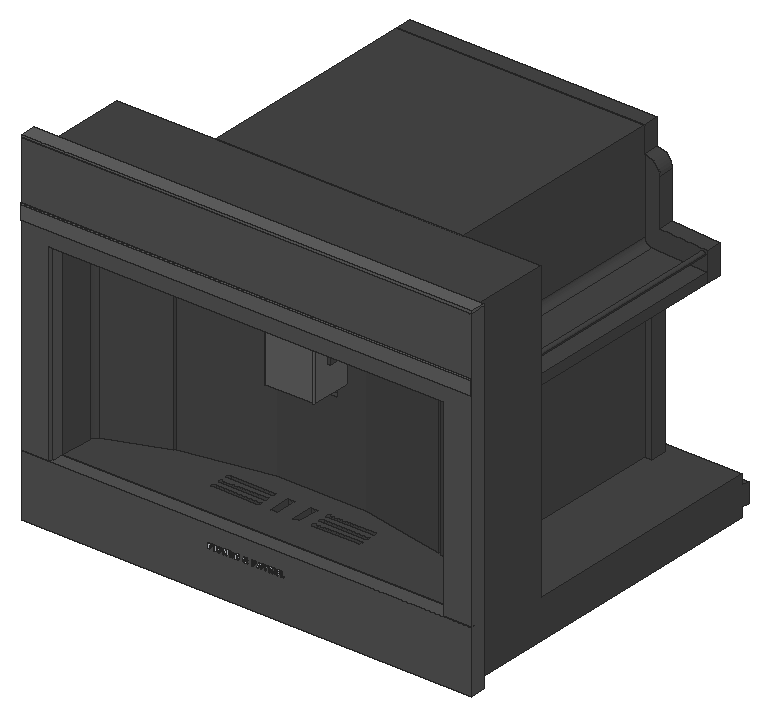
Revit family "FP_Revit_18_EB60DSXBB1_Coffee_Maker_90000810A", category Specialty Equipment, Revit 2018
Family settings
  Round Connector Dimension = Use Diameter
  Part Type = Normal
  OmniClass Number = 23.40.40.14.17.31
  OmniClass Title = Small Specialized Cooking Equipment
  Work Plane-Based = No
  Always vertical = Yes
  Cut with Voids When Loaded = Yes
  Shared = No
  Room Calculation Point = No
Parameters (values of type "EB60DSXBB1")
  Visibility - Clearance Required = yes
  URL = "www.fisherpaykel.com"
  Product - Width = 596 mm  # constant formula
  Product - Height = 458 mm  # constant formula
  Product - Depth = 480 mm  # constant formula
  Model = "EB60DSXBB1"
  Material - Trim = Fisher & Paykel - Aluminium, Dark
  Material - Glass = Fisher & Paykel - Glass, Black
  Material - Body = Fisher & Paykel - Black
  Manufacturer = "Fisher & Paykel Appliances"
  FFL Offset [instance] = 860 mm
  Description = "Built in Coffee Maker 60cm"
  Connector Description - Electrical = "220-240 V, 50 Hz, 6.1 A"
  Chassis - Width = 560 mm  # constant formula
  Chassis - Height = 445 mm  # constant formula
  Chassis - Depth = 460 mm  # constant formula
  Cavity - Width = 560 mm  # constant formula
  Cavity - Height = 460 mm  # constant formula
  Cavity - Depth = 545 mm  # constant formula
Reference planes
  plane 1 "Center (Front/Back)": y = 0
  plane 2: z = 0
  plane 3 "Center (Left/Right)": x = 0
  plane 4: z = 1320
  plane 5: z = 1318
  plane 6 "Product LHS": x = -298
  plane 7 "Product RHS": x = 298
  plane 8 "Cavity LHS": x = -300
  plane 9 "Cavity RHS": x = 300
  plane 10 "Cavity - Depth": y = 545
  plane 11 "Front Face": y = -20
  plane 12 "Product Depth": y = 460
  plane 13 "FFL Offset": z = 860
Forms (mm)
  Extrusion 1, solid, material "Fisher & Paykel - Glass, Black" <- "Material - Glass", detail levels fine
    sketch origin (0, 0, 915) x (0, 1, 0) y (0, 0, 1)
      loop
        line (0, -54) -> (0, 400) -> (-18.19, 400)
        arc (-18.19, 400) -> (-19.179, 399.792) -> (-20, 399.202) r 2.451
        line (-20, 399.202) -> (-20, 28.9) -> (-13, 28.9) -> (-13, 27.85) -> (-20, 27.85) -> (-20, -54) -> (0, -54)
    from -298 to 298
  Extrusion 2, solid, material "Fisher & Paykel - Aluminium, Dark" <- "Material - Trim", detail levels fine
    sketch origin (0, 0, 0) x (0, 1, 0) y (0, 0, 1)
      loop
        line (0, 1318) -> (-20, 1318) -> (-20, 1315) -> (0, 1315) -> (0, 1318)
    from -298 to 298
  Extrusion 3, solid, material "Fisher & Paykel - Aluminium, Dark" <- "Material - Trim", detail levels fine
    sketch origin (0, 0, 915) x (0, 1, 0) y (0, 0, 1)
      loop
        line (-20, 303) -> (-20, 322.8) -> (-20.827, 322.8) -> (-21.702, 320.52) -> (-21.702, 303) -> (-20, 303)
    from -298 to 298
  Extrusion 4, solid, material "Fisher & Paykel - Black" <- "Material - Body"
    sketch origin (0, 0, 0) x (0, 1, 0) y (0, 0, 1)
      loop
        line (116.01, 911.9) -> (116.01, 1305) -> (0, 1305) -> (0, 860) -> (450.02, 860) -> (450.02, 872.9) -> (460, 872.9) -> (460, 898.96) -> (450.02, 898.96) -> (450.02, 911.9) -> (116.01, 911.9)
    from -280 to 280
  Extrusion 5, solid, material "Fisher & Paykel - Black" <- "Material - Body", detail levels fine
    sketch origin (0, 0, 915) x (1, 0, 0) y (0, 0, 1)
      loop
        circle (255.488, 264.858) r 3
      loop
        arc (187.564, 248.08) -> (180.801, 250.881) -> (178, 257.644) r 9.564
        line (178, 257.644) -> (178, 390) -> (-150, 390) -> (-150, 258.403)
        arc (-150, 258.403) -> (-152.821, 251.442) -> (-159.691, 248.408) r 10
        line (-159.691, 248.408) -> (-261.967, 245.247) -> (-261.967, 232.285) -> (-159.605, 228.24)
        arc (-159.605, 228.24) -> (-152.791, 225.178) -> (-150, 218.248) r 10
        line (-150, 218.248) -> (-150, -3.1) -> (178, -3.1) -> (178, 219.061)
        arc (178, 219.061) -> (180.801, 225.824) -> (187.564, 228.625) r 9.564
        line (187.564, 228.625) -> (261.48, 231.852) -> (261.48, 244.856) -> (187.564, 248.08)
      loop
        circle (-255.488, 265.27) r 3
    from -415.81 to -116.01
  Extrusion 6, solid, material "Fisher & Paykel - Black" <- "Material - Body", detail levels fine
    sketch origin (0, 0, 0) x (1, 0, 0) y (0, 0, 1)
      loop
        line (261.48, 1185.549) -> (197.977, 1189.414) -> (197.977, 1250.8)
        arc (197.977, 1250.8) -> (192.126, 1264.926) -> (178, 1270.777) r 19.977
        line (178, 1270.777) -> (178, 1305) -> (-150.023, 1305) -> (-150.023, 1270.366)
        arc (-150.023, 1270.366) -> (-164.149, 1264.514) -> (-170, 1250.389) r 19.977
        line (-170, 1250.389) -> (-170, 1189.558) -> (-261.967, 1185.943) -> (-261.967, 1147.299) -> (-170, 1143.699) -> (-170, 860) -> (-120, 860) -> (-120, 1262.538) -> (145.224, 1262.538) -> (145.224, 911.9) -> (188.072, 911.9) -> (188.072, 1143.699) -> (261.48, 1146.905) -> (261.48, 1185.549)
    from -436.81 to -415.81
  Extrusion 7, void
    sketch origin (0, 0, 0) x (1, 0, 0) y (0, 1, 0)
      loop
        line (-261, -20.25) -> (261, -20.25) -> (261, -16.15) -> (258.097, 43.307)
        arc (258.097, 43.307) -> (256.532, 47.844) -> (252.912, 50.994) r 9.287
        arc (252.912, 50.994) -> (215.2, 66.982) -> (176.484, 80.359) r 600.007
        line (176.484, 80.359) -> (176.484, 87.818) -> (173.853, 87.818) -> (173.853, 81.162)
        arc (173.853, 81.162) -> (0, 106.902) -> (-173.853, 81.162) r 600.007
        line (-173.853, 81.162) -> (-173.853, 87.818) -> (-176.484, 87.818) -> (-176.484, 80.359)
        arc (-176.484, 80.359) -> (-215.2, 66.982) -> (-252.912, 50.994) r 600.007
        arc (-252.912, 50.994) -> (-256.532, 47.844) -> (-258.097, 43.307) r 9.287
        line (-258.097, 43.307) -> (-261, -16.15) -> (-261, -20.25)
    from 942.8 to 1197.8
  Extrusion 8, void
    sketch origin (0, 0, 0) x (1, 0, 0) y (0, 1, 0)
      loop
        arc (-96.162, 73.7) -> (-99.162, 70.7) -> (-96.162, 67.7) r 3
        line (-96.162, 67.7) -> (-36.788, 67.7)
        arc (-36.788, 67.7) -> (-33.788, 70.7) -> (-36.788, 73.7) r 3
        line (-36.788, 73.7) -> (-96.162, 73.7)
      loop
        arc (-96.162, 61.7) -> (-99.162, 58.7) -> (-96.162, 55.7) r 3
        line (-96.162, 55.7) -> (-36.788, 55.7)
        arc (-36.788, 55.7) -> (-33.788, 58.7) -> (-36.788, 61.7) r 3
        line (-36.788, 61.7) -> (-96.162, 61.7)
      loop
        arc (-96.162, 49.7) -> (-99.162, 46.7) -> (-96.162, 43.7) r 3
        line (-96.162, 43.7) -> (-36.788, 43.7)
        arc (-36.788, 43.7) -> (-33.788, 46.7) -> (-36.788, 49.7) r 3
        line (-36.788, 49.7) -> (-96.162, 49.7)
      loop
        line (-19.49, 73.102) -> (-19.49, 44.102) -> (-10.49, 44.102) -> (-10.49, 73.102) -> (-19.49, 73.102)
      loop
        line (96.162, 73.7) -> (36.788, 73.7)
        arc (36.788, 73.7) -> (33.788, 70.7) -> (36.788, 67.7) r 3
        line (36.788, 67.7) -> (96.162, 67.7)
        arc (96.162, 67.7) -> (99.162, 70.7) -> (96.162, 73.7) r 3
      loop
        line (96.162, 61.7) -> (36.788, 61.7)
        arc (36.788, 61.7) -> (33.788, 58.7) -> (36.788, 55.7) r 3
        line (36.788, 55.7) -> (96.162, 55.7)
        arc (96.162, 55.7) -> (99.162, 58.7) -> (96.162, 61.7) r 3
      loop
        line (96.162, 49.7) -> (36.788, 49.7)
        arc (36.788, 49.7) -> (33.788, 46.7) -> (36.788, 43.7) r 3
        line (36.788, 43.7) -> (96.162, 43.7)
        arc (96.162, 43.7) -> (99.162, 46.7) -> (96.162, 49.7) r 3
      loop
        line (19.49, 73.102) -> (10.49, 73.102) -> (10.49, 44.102) -> (19.49, 44.102) -> (19.49, 73.102)
    from 932.9 to 942.8
  Extrusion 9, solid, material "Fisher & Paykel - Black" <- "Material - Body"
    sketch origin (0, 0, 0) x (1, 0, 0) y (0, 1, 0)
      loop
        line (-238.877, 57.3) -> (238.036, 57.3) -> (238.036, 116.01) -> (-238.877, 116.01) -> (-238.877, 57.3)
    from 1171.8 to 1197.8
  Extrusion 10, solid, material "Fisher & Paykel - Aluminium, Dark" <- "Material - Trim"
    sketch origin (0, 0, 0) x (1, 0, 0) y (0, 1, 0)
      loop
        line (-33, 105.99) -> (-33, 52.807)
        arc (-33, 52.807) -> (-32.412, 51.388) -> (-30.993, 50.8) r 2.007
        line (-30.993, 50.8) -> (31, 50.8)
        arc (31, 50.8) -> (32.414, 51.386) -> (33, 52.8) r 2
        line (33, 52.8) -> (33, 105.99) -> (-33, 105.99)
    from 1083.8 to 1183.5
  Extrusion 11, void
    sketch origin (0, 0, 0) x (1, 0, 0) y (0, 0, 1)
      loop
        line (-19.5, 1083.8) -> (-19.5, 1061.827) -> (19.5, 1061.827) -> (19.5, 1083.8) -> (-19.5, 1083.8)
    from -115 to -105
  Extrusion 12, solid, material "Fisher & Paykel - Black" <- "Material - Body", detail levels fine
    sketch origin (0, 0, 0) x (1, 0, 0) y (0, 0, 1)
      loop
        line (45.9, 1172.885) -> (45.9, 1163.535) -> (47.549, 1163.535) -> (47.549, 1147.911)
        arc (47.549, 1147.911) -> (55.35, 1140.11) -> (63.15, 1147.911) r 7.801
        line (63.15, 1147.911) -> (63.15, 1163.235) -> (73.436, 1163.235) -> (73.436, 1172.885) -> (45.9, 1172.885)
    from -106.934 to -61.01
  Extrusion 13, solid, material "Fisher & Paykel - Black" <- "Material - Body", detail levels fine
    sketch origin (0, 0, 915) x (1, 0, 0) y (0, 0, 1)
      loop
        line (53.653, 257.885) -> (53.653, 225.297)
        arc (53.653, 225.297) -> (55.35, 225.11) -> (57.047, 225.297) r 7.805
        line (57.047, 225.297) -> (57.047, 257.885) -> (53.653, 257.885)
    from -61.01 to -47.51
  Extrusion 14, solid, material "Fisher & Paykel - Black" <- "Material - Body", detail levels fine
    sketch origin (0, 0, 915) x (1, 0, 0) y (0, 0, 1)
      loop
        line (115.224, 76.056) -> (75.224, 76.056) -> (75.224, 21.056) -> (115.224, 21.056) -> (115.224, 76.056)
    from -417 to -415.81
  Extrusion 15, solid, material "Fisher & Paykel - Black" <- "Material - Body", detail levels fine
    sketch origin (0, 0, 915) x (1, 0, 0) y (0, 0, 1)
      loop
        line (107.224, 68.056) -> (83.224, 68.056) -> (83.224, 29.056) -> (107.224, 29.056) -> (107.224, 68.056)
    from -436.81 to -417
  Extrusion 16, solid, material "Fisher & Paykel - Black" <- "Material - Body", detail levels fine
    sketch origin (0, 0, 0) x (1, 0, 0) y (0, 1, 0)
      loop
        circle (95.857, 430.81) r 5
    from 983.056 to 1003
  Extrusion 17, void
    sketch origin (0, 0, 915) x (0, 1, 0) y (0, 0, 1)
      loop
        line (445.9, -19.903) -> (0, -19.903) -> (0, -55) -> (445.9, -55) -> (445.9, -19.903)
    from -54 to 54
  Extrusion 18, solid, material "Fisher & Paykel - Black", detail levels fine
    sketch origin (0, 0, 0) x (1, 0, 0) y (0, 1, 0)
      loop
        line (-210.55, 31.63) -> (-210.55, 5.8) -> (-193.27, 5.8) -> (-193.27, 31.63) -> (-210.55, 31.63)
      loop
        line (-203.25, 13.924) -> (-203.25, 14.725)
        arc (-203.25, 14.725) -> (-201.75, 22.856) -> (-200.25, 14.725) r 4.204
        line (-200.25, 14.725) -> (-200.25, 13.924)
        arc (-200.25, 13.924) -> (-201.75, 23.687) -> (-203.25, 13.924) r 4.997
      loop
        line (-202.15, 17.61) -> (-202.15, 12.8) -> (-201.35, 12.8) -> (-201.35, 17.61) -> (-202.15, 17.61)
    from 1196.9 to 1197.8
  Extrusion 19, solid, material "Fisher & Paykel - Clearance Required", visible <- "Visibility - Clearance Required", detail levels coarse
    sketch origin (0, 0, 0) x (1, 0, 0) y (0, 1, 0)
      loop
        line (-300, 0) -> (-300, -20) -> (300, -20) -> (300, 0) -> (-300, 0)
    from 860 to 1320
  Extrusion 20, solid, material "Fisher & Paykel - Clearance Required", visible <- "Visibility - Clearance Required", detail levels coarse
    sketch origin (0, 0, 0) x (1, 0, 0) y (0, 1, 0)
      loop
        line (-280, 0) -> (280, 0) -> (280, 545) -> (-280, 545) -> (-280, 0)
    from 860 to 1310
  Extrusion 21, solid, material "Fisher & Paykel - Black" <- "Material - Body", detail levels coarse+medium
    sketch origin (0, -20, 915) x (-1, 0, 0) y (0, 0, 1)
      loop
        line (-197.977, 274.414) -> (-261.48, 274.414) -> (-261.48, 228.699) -> (-188.072, 228.699) -> (-188.072, -3.1) -> (170, -3.1) -> (170, 228.699) -> (261.967, 228.699) -> (261.967, 274.558) -> (170, 274.558) -> (170, 390.05) -> (-197.977, 390.05) -> (-197.977, 274.414)
    from 136.01 to 456.81
  Extrusion 22, solid, material "Fisher & Paykel - Glass, Black" <- "Material - Glass", detail levels coarse+medium
    sketch origin (0, 0, 915) x (1, 0, 0) y (0, 0, 1)
      loop
        line (-298, -54) -> (298, -54) -> (298, 403) -> (-298, 403) -> (-298, -54)
      loop
        line (261, 282.85) -> (-261, 282.85) -> (-261, 27.85) -> (261, 27.85) -> (261, 282.85)
    from 0 to 20
  Extrusion 23, void
    sketch origin (0, 0, 0) x (1, 0, 0) y (0, 1, 0)
      loop
        line (-280, 545) -> (-280, 0) -> (280, 0) -> (280, 545) -> (-280, 545)
    from 860 to 1310
  Extrusion 24, void
    sketch origin (0, 0, 0) x (1, 0, 0) y (0, 1, 0)
      loop
        line (-300, 0) -> (-300, -20) -> (300, -20) -> (300, 0) -> (-300, 0)
    from 860 to 1320
Cuts and joins
  Extrusion 7 cuts Extrusion 1
  Extrusion 7, Extrusion 8, Extrusion 11, Extrusion 17 cuts Extrusion 4
  joined: Extrusion 4, Extrusion 9
Lines and regions (mm)
  model lines, detail levels medium+fine
    curve 1: line (-47, -20, 1293.952) -> (47, -20, 1293.952)
    curve 2: line (-47, -20, 1240.952) -> (-47, -20, 1293.952)
    curve 3: line (47, -20, 1240.952) -> (-47, -20, 1240.952)
    curve 4: line (47, -20, 1293.952) -> (47, -20, 1240.952)
Text (mm)
  text "Due to ongoing product development, product details are subject to change without notice. \nPlease always refer to www.fisherpaykel.com for the most current product information. \n© Fisher & Paykel 2020" at (41.04, -248.295, 0), in view "Ref. Level (Plan)"
Dimensions and locks
  equal spacing: plane 6 "Product LHS", plane 3 "Center (Left/Right)", plane 7 "Product RHS"
  "Product - Width": plane 6 "Product LHS" to plane 7 "Product RHS"
  equal spacing: plane 8 "Cavity LHS", plane 3 "Center (Left/Right)", plane 9 "Cavity RHS"
  locked: plane 8 "Cavity LHS" to plane 9 "Cavity RHS" at 600
  "Cavity - Depth": plane 10 "Cavity - Depth" to plane 1 "Center (Front/Back)"
  plane 11 "Front Face" to plane 1 "Center (Front/Back)" = 20 mm
  "Chassis - Depth": plane 1 "Center (Front/Back)" to plane 12 "Product Depth"
  "Product - Depth": plane 12 "Product Depth" to plane 11 "Front Face"
  "Chassis - Width": cut or joined group of Extrusion 4, Extrusion 7, Extrusion 8, Extrusion 9, Extrusion 11, Extrusion 17 to cut or joined group of Extrusion 4, Extrusion 7, Extrusion 8, Extrusion 9, Extrusion 11, Extrusion 17
  "FFL Offset": plane 13 "FFL Offset" to level
  "Chassis - Height": cut or joined group of Extrusion 4, Extrusion 7, Extrusion 8, Extrusion 9, Extrusion 11, Extrusion 17 to plane 13 "FFL Offset"
  "Product - Height": plane 5 to plane 13 "FFL Offset"
  "Cavity - Height": plane 4 to plane 13 "FFL Offset"
  locked: Extrusion 23 to plane 13 "FFL Offset" at 450
  locked: plane 5 to Extrusion 21 at 12.95
  locked: Extrusion 3 to plane 13 "FFL Offset" at 358
  locked: plane 13 "FFL Offset" to cut or joined group of Extrusion 1, Extrusion 7 at 1
  locked: plane 13 "FFL Offset" to cut or joined group of Extrusion 4, Extrusion 7, Extrusion 8, Extrusion 9, Extrusion 11, Extrusion 17 at 82.8
  locked: plane 13 "FFL Offset" to Extrusion 22 sketch curve at 337.85
  locked: cut or joined group of Extrusion 4, Extrusion 7, Extrusion 8, Extrusion 9, Extrusion 11, Extrusion 17 to plane 13 "FFL Offset" at 337.8
  locked: cut or joined group of Extrusion 4, Extrusion 7, Extrusion 8, Extrusion 9, Extrusion 11, Extrusion 17 to plane 13 "FFL Offset" at 51.9
  locked: plane 5 to Extrusion 3 at 100
  locked: plane 5 to Extrusion 22 at 120.15
  locked: plane 5 to Extrusion 22 at 375.15
  locked: Extrusion 16 to plane 13 "FFL Offset" at 143
  locked: cut or joined group of Extrusion 4, Extrusion 7, Extrusion 8, Extrusion 9, Extrusion 11, Extrusion 17 to cut or joined group of Extrusion 4, Extrusion 7, Extrusion 8, Extrusion 9, Extrusion 11, Extrusion 17 at 9.9
  locked: nested 1 to plane 13 "FFL Offset" at 61.04
  locked: Extrusion 10 to plane 13 "FFL Offset" at 323.5
  locked: Extrusion 10 to plane 13 "FFL Offset" at 223.8
  locked: cut or joined group of Extrusion 4, Extrusion 7, Extrusion 8, Extrusion 9, Extrusion 11, Extrusion 17 to plane 13 "FFL Offset" at 201.827
  locked: cut or joined group of Extrusion 4, Extrusion 7, Extrusion 8, Extrusion 9, Extrusion 11, Extrusion 17 to plane 13 "FFL Offset" at 311.8
  locked: Extrusion 12 to plane 13 "FFL Offset" at 312.885
  locked: Extrusion 22 to Extrusion 18 at 0.95
  locked: plane 5 to Extrusion 23 at 8
  locked: Extrusion 17 sketch curve to plane 13 "FFL Offset" at 35.097
  plane 5 to curve 3 = 77.048 mm
  locked: plane 5 to curve 1 at 24.048
  locked: Extrusion 15 to plane 13 "FFL Offset" at 84.056
  locked: Extrusion 15 to plane 13 "FFL Offset" at 123.056
  locked: plane 5 to curve 3 at 77.048
  "Cavity - Width": Extrusion 23 to Extrusion 23
  aligned and locked: level to plane 2
  aligned and locked: Extrusion 3 to plane 7 "Product RHS"
  aligned and locked: plane 6 "Product LHS" to Extrusion 3
  aligned and locked: Extrusion 2 to plane 7 "Product RHS"
  aligned and locked: plane 6 "Product LHS" to Extrusion 2
  aligned and locked: plane 6 "Product LHS" to Extrusion 1
  aligned and locked: Extrusion 1 to plane 7 "Product RHS"
  aligned and locked: plane 9 "Cavity RHS" to Extrusion 19 sketch curve
  aligned and locked: Extrusion 19 sketch curve to plane 8 "Cavity LHS"
  aligned and locked: plane 1 "Center (Front/Back)" to Extrusion 19 sketch curve
  aligned and locked: Extrusion 5 to cut or joined group of Extrusion 4, Extrusion 7, Extrusion 8, Extrusion 9, Extrusion 11, Extrusion 17
  aligned and locked: Extrusion 5 to Extrusion 4
  aligned and locked: Extrusion 6 to Extrusion 5
  aligned and locked: plane 4 to Extrusion 24
  aligned and locked: plane 5 to Extrusion 2
  aligned and locked: Extrusion 24 to Extrusion 19
  aligned and locked: plane 5 to Extrusion 22 sketch curve
  aligned and locked: Extrusion 21 to Extrusion 5
  aligned and locked: Extrusion 5 to Extrusion 6
  aligned and locked: Extrusion 8 to Extrusion 7
  aligned and locked: Extrusion 11 to Extrusion 10
  aligned and locked: cut or joined group of Extrusion 1, Extrusion 7 to Extrusion 18
  aligned and locked: Extrusion 19 to Extrusion 17
  aligned and locked: plane 13 "FFL Offset" to Extrusion 4 sketch curve
  aligned and locked: Extrusion 4 to Extrusion 17
  aligned and locked: Extrusion 23 to cut or joined group of Extrusion 4, Extrusion 7, Extrusion 8, Extrusion 9, Extrusion 11, Extrusion 17
  aligned and locked: cut or joined group of Extrusion 4, Extrusion 7, Extrusion 8, Extrusion 9, Extrusion 11, Extrusion 17 to Extrusion 6
  aligned and locked: Extrusion 24 to cut or joined group of Extrusion 4, Extrusion 7, Extrusion 8, Extrusion 9, Extrusion 11, Extrusion 17
  aligned and locked: Extrusion 20 to Extrusion 23
  aligned and locked: Extrusion 20 to Extrusion 6
  aligned and locked: Extrusion 7 to Extrusion 9
  aligned and locked: Extrusion 16 to Extrusion 15
Automatic sketch dimensions
  Extrusion 3 sketch curve to Extrusion 3 sketch curve = 17.52 mm
  Extrusion 3 sketch curve to Extrusion 3 sketch curve = 0.875 mm
  Extrusion 3 sketch curve to Extrusion 3 sketch curve = 0.827 mm
  Extrusion 3 sketch curve to Extrusion 3 sketch curve = 2.28 mm
  Extrusion 7 sketch curve to Extrusion 7 sketch curve = 0 mm  (x4)
  Extrusion 7 sketch curve to plane 3 "Center (Left/Right)" = 0 mm
  Extrusion 7 sketch curve to plane 6 "Product LHS" = 124.147 mm
  Extrusion 7 sketch curve to Extrusion 7 sketch curve = 2.63 mm  (x2)
  Extrusion 7 sketch curve to plane 6 "Product LHS" = 49.167 mm
  Extrusion 7 sketch curve to Extrusion 7 sketch curve = 9.264 mm  (x2)
  Extrusion 7 sketch curve to plane 6 "Product LHS" = 37 mm
  plane 7 "Product RHS" to Extrusion 7 sketch curve = 124.147 mm
  plane 7 "Product RHS" to Extrusion 7 sketch curve = 49.167 mm
  plane 1 "Center (Front/Back)" to Extrusion 7 sketch curve = 16.15 mm
  plane 7 "Product RHS" to Extrusion 7 sketch curve = 37 mm
  plane 1 "Center (Front/Back)" to Extrusion 7 sketch curve = 493.105 mm
  Extrusion 7 sketch curve to plane 1 "Center (Front/Back)" = 42.65 mm  (x2)
  Extrusion 7 sketch curve to Extrusion 7 sketch curve = 0.657 mm  (x2)
  Extrusion 7 sketch curve to plane 1 "Center (Front/Back)" = 80.359 mm  (x2)
  Extrusion 7 sketch curve to Extrusion 7 sketch curve = 0.803 mm
  Extrusion 7 sketch curve to Extrusion 7 sketch curve = 6.656 mm  (x2)
  Extrusion 7 sketch curve to Extrusion 7 sketch curve = 4.1 mm  (x2)
  Extrusion 8 sketch curve to plane 3 "Center (Left/Right)" = 96.162 mm
  Extrusion 8 sketch curve to Extrusion 8 sketch curve = 0 mm  (x9)
  Extrusion 8 sketch curve to plane 3 "Center (Left/Right)" = 36.788 mm
  Extrusion 8 sketch curve to Extrusion 8 sketch curve = 17.298 mm  (x3)
  Extrusion 8 sketch curve to Extrusion 8 sketch curve = 9 mm  (x2)
  plane 3 "Center (Left/Right)" to Extrusion 8 sketch curve = 10.49 mm
  Extrusion 8 sketch curve to Extrusion 8 sketch curve = 59.375 mm
  Extrusion 8 sketch curve to plane 1 "Center (Front/Back)" = 43.7 mm  (x2)
  Extrusion 8 sketch curve to Extrusion 8 sketch curve = 0.402 mm
  Extrusion 8 sketch curve to Extrusion 8 sketch curve = 3 mm  (x6)
  Extrusion 8 sketch curve to Extrusion 8 sketch curve = 6 mm  (x4)
  Extrusion 8 sketch curve to Extrusion 8 sketch curve = 0.598 mm
  Extrusion 10 sketch curve to Extrusion 10 sketch curve = 2.007 mm
  Extrusion 10 sketch curve to Extrusion 10 sketch curve = 53.19 mm
  Extrusion 11 sketch curve to plane 3 "Center (Left/Right)" = 19.5 mm
  plane 3 "Center (Left/Right)" to Extrusion 11 sketch curve = 19.5 mm
  level to Extrusion 11 sketch curve = 1061.827 mm
  Extrusion 11 sketch curve to Extrusion 11 sketch curve = 21.973 mm
  Extrusion 12 sketch curve to Extrusion 12 sketch curve = 1.649 mm
  Extrusion 12 sketch curve to Extrusion 12 sketch curve = 7.801 mm
  Extrusion 12 sketch curve to Extrusion 12 sketch curve = 10.286 mm
  Extrusion 12 sketch curve to Extrusion 12 sketch curve = 15.324 mm
  Extrusion 12 sketch curve to Extrusion 12 sketch curve = 0.3 mm
  Extrusion 12 sketch curve to Extrusion 12 sketch curve = 9.35 mm
  Extrusion 13 sketch curve to Extrusion 13 sketch curve = 1.697 mm
  Extrusion 13 sketch curve to Extrusion 13 sketch curve = 7.618 mm
  Extrusion 13 sketch curve to Extrusion 13 sketch curve = 24.97 mm
  Extrusion 13 sketch curve to Extrusion 13 sketch curve = 3.394 mm
  Extrusion 14 sketch curve to Extrusion 14 sketch curve = 40 mm
  Extrusion 14 sketch curve to Extrusion 14 sketch curve = 55 mm
  Extrusion 15 sketch curve to Extrusion 15 sketch curve = 24 mm
  Extrusion 15 sketch curve to Extrusion 15 sketch curve = 39 mm
  level to Extrusion 17 sketch curve = 860 mm
  Extrusion 17 sketch curve to plane 1 "Center (Front/Back)" = 0 mm
  Extrusion 18 sketch curve to Extrusion 18 sketch curve = 7.3 mm
  Extrusion 18 sketch curve to Extrusion 18 sketch curve = 1.1 mm  (x2)
  Extrusion 18 sketch curve to Extrusion 18 sketch curve = 0.4 mm
  Extrusion 18 sketch curve to Extrusion 18 sketch curve = 0 mm
  Extrusion 18 sketch curve to Extrusion 18 sketch curve = 0.8 mm
  Extrusion 18 sketch curve to Extrusion 18 sketch curve = 8.08 mm
  Extrusion 18 sketch curve to Extrusion 18 sketch curve = 7 mm
  Extrusion 18 sketch curve to Extrusion 18 sketch curve = 1.124 mm
  Extrusion 18 sketch curve to Extrusion 18 sketch curve = 0.801 mm
  Extrusion 18 sketch curve to Extrusion 18 sketch curve = 2.885 mm
  Extrusion 18 sketch curve to Extrusion 18 sketch curve = 1.042 mm
  Extrusion 18 sketch curve to Extrusion 18 sketch curve = 0.038 mm
  Extrusion 18 sketch curve to Extrusion 18 sketch curve = 12.94 mm
  Extrusion 9 sketch curve to plane 6 "Product LHS" = 59.123 mm
  Extrusion 9 sketch curve to plane 1 "Center (Front/Back)" = 57.3 mm
  plane 7 "Product RHS" to Extrusion 9 sketch curve = 59.964 mm
  Extrusion 9 sketch curve to Extrusion 9 sketch curve = 58.71 mm
  plane 1 "Center (Front/Back)" to Extrusion 19 sketch curve = 20 mm
  Extrusion 17 sketch curve to plane 10 "Cavity - Depth" = 99.1 mm
  Extrusion 6 sketch curve to plane 6 "Product LHS" = 36.033 mm
  level to Extrusion 6 sketch curve = 860 mm
  Extrusion 6 sketch curve to plane 6 "Product LHS" = 128 mm
  Extrusion 6 sketch curve to Extrusion 6 sketch curve = 0 mm
  Extrusion 6 sketch curve to Extrusion 6 sketch curve = 19.977 mm
  Extrusion 6 sketch curve to Extrusion 6 sketch curve = 30.023 mm
  level to Extrusion 6 sketch curve = 911.9 mm
  plane 3 "Center (Left/Right)" to Extrusion 6 sketch curve = 145.224 mm
  Extrusion 6 sketch curve to plane 5 = 13 mm
  Extrusion 6 sketch curve to Extrusion 6 sketch curve = 32.776 mm
  Extrusion 6 sketch curve to Extrusion 6 sketch curve = 10.072 mm
  Extrusion 6 sketch curve to Extrusion 6 sketch curve = 9.905 mm
  plane 7 "Product RHS" to Extrusion 6 sketch curve = 36.52 mm
  Extrusion 6 sketch curve to Extrusion 6 sketch curve = 161.301 mm  (x2)
  Extrusion 6 sketch curve to Extrusion 6 sketch curve = 3.205 mm
  Extrusion 6 sketch curve to Extrusion 6 sketch curve = 3.6 mm
  Extrusion 6 sketch curve to Extrusion 6 sketch curve = 38.645 mm
  Extrusion 6 sketch curve to Extrusion 6 sketch curve = 38.644 mm
  Extrusion 6 sketch curve to Extrusion 6 sketch curve = 45.715 mm
  Extrusion 6 sketch curve to Extrusion 6 sketch curve = 45.858 mm
  Extrusion 6 sketch curve to Extrusion 6 sketch curve = 54.611 mm
  Extrusion 6 sketch curve to Extrusion 6 sketch curve = 54.2 mm
  Extrusion 6 sketch curve to Extrusion 6 sketch curve = 7.828 mm
  Extrusion 5 sketch curve to plane 6 "Product LHS" = 36.033 mm
  Extrusion 5 sketch curve to Extrusion 5 sketch curve = 6.478 mm
  Extrusion 5 sketch curve to Extrusion 5 sketch curve = 95.488 mm
  Extrusion 5 sketch curve to Extrusion 5 sketch curve = 0.309 mm  (x2)
  Extrusion 5 sketch curve to Extrusion 5 sketch curve = 0.395 mm
  Extrusion 5 sketch curve to Extrusion 5 sketch curve = 10 mm  (x2)
  plane 7 "Product RHS" to Extrusion 5 sketch curve = 120 mm  (x2)
  Extrusion 5 sketch curve to plane 5 = 13 mm
  Extrusion 5 sketch curve to Extrusion 5 sketch curve = 9.564 mm  (x2)
  plane 7 "Product RHS" to Extrusion 5 sketch curve = 42.512 mm
  Extrusion 5 sketch curve to Extrusion 5 sketch curve = 5.992 mm
  Extrusion 5 sketch curve to Extrusion 5 sketch curve = 171.752 mm
  Extrusion 5 sketch curve to Extrusion 5 sketch curve = 170.939 mm
  Extrusion 5 sketch curve to Extrusion 5 sketch curve = 3.227 mm
  Extrusion 5 sketch curve to Extrusion 5 sketch curve = 4.045 mm
  Extrusion 5 sketch curve to Extrusion 5 sketch curve = 13.004 mm
  Extrusion 5 sketch curve to Extrusion 5 sketch curve = 12.962 mm
  Extrusion 5 sketch curve to Extrusion 5 sketch curve = 20.168 mm
  Extrusion 5 sketch curve to Extrusion 5 sketch curve = 19.455 mm
  Extrusion 5 sketch curve to Extrusion 5 sketch curve = 20.001 mm
  Extrusion 5 sketch curve to Extrusion 5 sketch curve = 20.023 mm
  Extrusion 20 sketch curve to plane 10 "Cavity - Depth" = 0 mm
  plane 1 "Center (Front/Back)" to Extrusion 20 sketch curve = 0 mm
  Extrusion 20 sketch curve to plane 6 "Product LHS" = 18 mm
  plane 7 "Product RHS" to Extrusion 20 sketch curve = 18 mm
  level to Extrusion 5 sketch curve = 911.9 mm
  Extrusion 21 sketch curve to plane 5 = 12.95 mm
  plane 7 "Product RHS" to Extrusion 21 sketch curve = 100.023 mm
  Extrusion 21 sketch curve to Extrusion 21 sketch curve = 9.905 mm
  level to Extrusion 21 sketch curve = 911.9 mm
  Extrusion 21 sketch curve to plane 6 "Product LHS" = 128 mm  (x2)
  Extrusion 21 sketch curve to plane 6 "Product LHS" = 36.033 mm
  Extrusion 21 sketch curve to Extrusion 21 sketch curve = 161.351 mm  (x2)
  Extrusion 21 sketch curve to Extrusion 21 sketch curve = 45.858 mm
  plane 7 "Product RHS" to Extrusion 21 sketch curve = 36.52 mm
  Extrusion 21 sketch curve to Extrusion 21 sketch curve = 45.715 mm
  Extrusion 1 sketch curve to plane 11 "Front Face" = 0 mm  (x2)
  Extrusion 1 sketch curve to plane 1 "Center (Front/Back)" = 0 mm
  plane 11 "Front Face" to Extrusion 1 sketch curve = 1.81 mm
  plane 11 "Front Face" to Extrusion 1 sketch curve = 7 mm
  level to Extrusion 1 sketch curve = 861 mm
  Extrusion 1 sketch curve to Extrusion 1 sketch curve = 81.85 mm
  Extrusion 1 sketch curve to Extrusion 1 sketch curve = 1.05 mm
  Extrusion 1 sketch curve to plane 5 = 3 mm
  Extrusion 1 sketch curve to Extrusion 1 sketch curve = 2.451 mm
  Extrusion 23 sketch curve to plane 1 "Center (Front/Back)" = 0 mm
  plane 10 "Cavity - Depth" to Extrusion 23 sketch curve = 0 mm
  Extrusion 23 sketch curve to plane 6 "Product LHS" = 18 mm
  plane 7 "Product RHS" to Extrusion 23 sketch curve = 18 mm
  Extrusion 24 sketch curve to plane 8 "Cavity LHS" = 0 mm
  Extrusion 24 sketch curve to plane 9 "Cavity RHS" = 0 mm
  Extrusion 24 sketch curve to plane 1 "Center (Front/Back)" = 0 mm
  Extrusion 24 sketch curve to plane 11 "Front Face" = 0 mm
  Extrusion 2 sketch curve to plane 11 "Front Face" = 0 mm
  Extrusion 2 sketch curve to plane 1 "Center (Front/Back)" = 0 mm
  plane 13 "FFL Offset" to Extrusion 2 sketch curve = 455 mm
  Extrusion 2 sketch curve to Extrusion 2 sketch curve = 3 mm
  Extrusion 10 sketch curve to Extrusion 10 sketch curve = 61.993 mm
  Extrusion 10 sketch curve to Extrusion 10 sketch curve = 2 mm
  plane 6 "Product LHS" to Extrusion 22 sketch curve = 0 mm
  plane 7 "Product RHS" to Extrusion 22 sketch curve = 0 mm
  Extrusion 22 sketch curve to plane 6 "Product LHS" = 37 mm
  plane 7 "Product RHS" to Extrusion 22 sketch curve = 37 mm
  plane 13 "FFL Offset" to Extrusion 22 sketch curve = 82.85 mm
  plane 13 "FFL Offset" to Extrusion 22 sketch curve = 1 mm
  Extrusion 3 sketch curve to plane 11 "Front Face" = 0 mm
  Extrusion 3 sketch curve to plane 5 = 100 mm
  Extrusion 10 sketch curve to plane 3 "Center (Left/Right)" = 33 mm
  Extrusion 10 sketch curve to plane 1 "Center (Front/Back)" = 50.8 mm
  plane 3 "Center (Left/Right)" to Extrusion 12 sketch curve = 45.9 mm
  Extrusion 12 sketch curve to plane 5 = 170.089 mm
  plane 3 "Center (Left/Right)" to Extrusion 13 sketch curve = 53.653 mm
  Extrusion 13 sketch curve to plane 5 = 177.703 mm
  plane 3 "Center (Left/Right)" to Extrusion 14 sketch curve = 75.224 mm
  plane 13 "FFL Offset" to Extrusion 14 sketch curve = 76.056 mm
  plane 3 "Center (Left/Right)" to Extrusion 15 sketch curve = 83.224 mm
  plane 13 "FFL Offset" to Extrusion 15 sketch curve = 84.056 mm
  Extrusion 16 sketch curve to plane 12 "Product Depth" = 29.19 mm
  plane 3 "Center (Left/Right)" to Extrusion 16 sketch curve = 95.857 mm
  Extrusion 18 sketch curve to plane 1 "Center (Front/Back)" = 5.8 mm
  Extrusion 18 sketch curve to plane 6 "Product LHS" = 87.45 mm
  Extrusion 4 sketch curve to plane 1 "Center (Front/Back)" = 0 mm
  Extrusion 4 sketch curve to plane 12 "Product Depth" = 0 mm
  Extrusion 4 sketch curve to plane 5 = 13 mm
  Extrusion 4 sketch curve to plane 1 "Center (Front/Back)" = 116.01 mm
  Extrusion 4 sketch curve to plane 12 "Product Depth" = 9.98 mm
  Extrusion 4 sketch curve to Extrusion 4 sketch curve = 9.98 mm
  plane 13 "FFL Offset" to Extrusion 4 sketch curve = 12.9 mm
  Extrusion 4 sketch curve to Extrusion 4 sketch curve = 26.06 mm
  plane 13 "FFL Offset" to Extrusion 4 sketch curve = 51.9 mm
  plane 3 "Center (Left/Right)" to curve 1 = 47 mm
  curve 3 to plane 3 "Center (Left/Right)" = 47 mm
  radius of Extrusion 16 sketch curve = 5 mm
  radius of Extrusion 5 sketch curve = 3 mm  (x2)
Nested families
  nested 1: "F&P Logo 100mm" at (0, -20, 915), type "F&P Logo 100mm", detail levels fine
Connectors
  electrical at (95.857, 430.81, 1003), driven by "Connector Description - Electrical"
    settings: on Extrusion 16, index 1, voltage 230 V, apparent load 0 VA, apparent load phase1 0 VA, apparent load phase2 0 VA, apparent load phase3 0 VA, power factor 1, load classification "Other", number of poles 1, system type 30, power factor state 1, is connector primary yes, connector utility no, sub classification motor no, connector description "220-240 V, 50 Hz, 6.1 A"
Definition of nested family "F&P Logo 100mm"
  Parameters (values of type "F&P Logo 100mm")
    URL = "www.fisherpaykel.com"
    Material - Logo = none
    Manufacturer = "Fisher & Paykel Appliances"
  Reference planes
    plane 1 "Center (Front/Back)": y = 0
    plane 2: z = 0
    plane 3 "Center (Left/Right)": x = 0
  Forms (mm)
    Extrusion 1, solid, material <- "Material - Logo", detail levels fine
      sketch origin (0, 0, 0) x (1, 0, 0) y (0, 0, 1)
        loop
          line (-50.044, 0) -> (-48.47, 0) -> (-48.47, 2.138) -> (-46.011, 2.138) -> (-46.011, 3.472) -> (-48.47, 3.472) -> (-48.47, 4.712) -> (-45.795, 4.712) -> (-45.795, 6.04) -> (-50.044, 6.04) -> (-50.044, 0)
        loop
          line (-42.804, 6.04) -> (-42.804, 0) -> (-41.23, 0) -> (-41.23, 6.04) -> (-42.804, 6.04)
        loop
          line (-30.724, 6.04) -> (-30.724, 0) -> (-29.151, 0) -> (-29.151, 2.42) -> (-26.839, 2.42) -> (-26.839, 0) -> (-25.265, 0) -> (-25.265, 6.04) -> (-26.839, 6.04) -> (-26.839, 3.748) -> (-29.151, 3.748) -> (-29.151, 6.04) -> (-30.724, 6.04)
        loop
          line (-21.906, 6.04) -> (-21.906, 0) -> (-17.602, 0) -> (-17.602, 1.328) -> (-20.347, 1.328) -> (-20.347, 2.42) -> (-17.838, 2.42) -> (-17.838, 3.748) -> (-20.347, 3.748) -> (-20.347, 4.712) -> (-17.602, 4.712) -> (-17.602, 6.04) -> (-21.906, 6.04)
        loop
          line (45.667, 6.04) -> (45.667, 0) -> (49.956, 0) -> (49.956, 1.328) -> (47.241, 1.328) -> (47.241, 6.04) -> (45.667, 6.04)
        loop
          line (42.431, 6.04) -> (38.112, 6.04) -> (38.112, 0) -> (42.431, 0) -> (42.431, 1.328) -> (39.687, 1.328) -> (39.687, 2.42) -> (42.195, 2.42) -> (42.195, 3.748) -> (39.687, 3.748) -> (39.687, 4.712) -> (42.431, 4.712) -> (42.431, 6.04)
        loop
          line (33.451, 3.148) -> (35.683, 6.04) -> (33.844, 6.04) -> (31.915, 3.542) -> (31.915, 6.04) -> (30.342, 6.04) -> (30.342, 0) -> (31.915, 0) -> (31.915, 2.705) -> (33.903, 0) -> (35.763, 0) -> (33.451, 3.148)
        loop
          line (21.98, 6.04) -> (24.262, 2.42) -> (24.262, 0) -> (25.837, 0) -> (25.837, 2.341) -> (28.119, 6.04) -> (26.446, 6.04) -> (25.099, 3.707) -> (23.753, 6.04) -> (21.98, 6.04)
        loop
          line (18.479, 6.04) -> (16.983, 6.04) -> (14.524, 0) -> (16.069, 0) -> (16.501, 1.112) -> (18.921, 1.112) -> (19.354, 0) -> (20.938, 0) -> (18.479, 6.04)
        loop
          line (18.4, 2.439) -> (17.693, 4.174) -> (17.018, 2.439) -> (18.4, 2.439)
        loop
          line (8.031, 6.04) -> (8.031, 0) -> (9.605, 0) -> (9.605, 1.938) -> (10.599, 1.938)
          arc (10.599, 1.938) -> (12.65, 3.989) -> (10.599, 6.04) r 2.051
          line (10.599, 6.04) -> (8.031, 6.04)
        loop
          line (9.605, 4.712) -> (9.605, 3.197) -> (10.501, 3.197)
          arc (10.501, 3.197) -> (11.259, 3.954) -> (10.501, 4.712) r 0.757
          line (10.501, 4.712) -> (9.605, 4.712)
        loop
          line (-11.783, 6.04) -> (-14.366, 6.04) -> (-14.366, 0) -> (-12.792, 0) -> (-12.792, 1.336) -> (-11.992, 1.336) -> (-10.972, 0) -> (-9.153, 0) -> (-10.694, 1.973)
          arc (-10.694, 1.973) -> (-9.678, 4.424) -> (-11.783, 6.04) r 2.179
        loop
          line (-11.897, 4.712) -> (-12.792, 4.712) -> (-12.792, 3.053) -> (-11.897, 3.053)
          arc (-11.897, 3.053) -> (-11.068, 3.882) -> (-11.897, 4.712) r 0.83
        loop
          line (0.477, 4.712) -> (0.477, 6.153) -> (-3.575, 6.153) -> (-3.575, 4.851) -> (-2.974, 4.112)
          arc (-2.974, 4.112) -> (-3.51, 0.684) -> (-0.045, 0.512) r 2.334
          line (-0.045, 0.512) -> (0.46, -0.109) -> (2.246, -0.109) -> (0.86, 1.594) -> (2.061, 3.324) -> (0.443, 3.324) -> (-0.013, 2.667) -> (-1.677, 4.712) -> (0.477, 4.712)
        loop
          arc (-2.125, 3.068) -> (-2.269, 1.668) -> (-0.868, 1.524) r 0.996
          line (-0.868, 1.524) -> (-2.125, 3.068)
        loop
          line (-35.18, 3.634) -> (-36.516, 3.91)
          arc (-36.516, 3.91) -> (-37.049, 4.443) -> (-36.516, 4.976) r 0.533
          arc (-36.516, 4.976) -> (-35.235, 4.79) -> (-34.059, 4.248) r 4.505
          line (-34.059, 4.248) -> (-34.059, 5.743)
          arc (-34.059, 5.743) -> (-35.549, 6.179) -> (-37.1, 6.109) r 4.726
          arc (-37.1, 6.109) -> (-38.536, 4.335) -> (-37.1, 2.561) r 1.814
          line (-37.1, 2.561) -> (-35.754, 2.282)
          arc (-35.754, 2.282) -> (-35.221, 1.749) -> (-35.754, 1.216) r 0.533
          arc (-35.754, 1.216) -> (-37.035, 1.402) -> (-38.211, 1.945) r 4.505
          line (-38.211, 1.945) -> (-38.211, 0.449)
          arc (-38.211, 0.449) -> (-36.72, 0.013) -> (-35.169, 0.083) r 4.726
          arc (-35.169, 0.083) -> (-33.734, 1.863) -> (-35.18, 3.634) r 1.814
      from 0 to 0.8
  Dimensions and locks
    aligned and locked: level to plane 2
